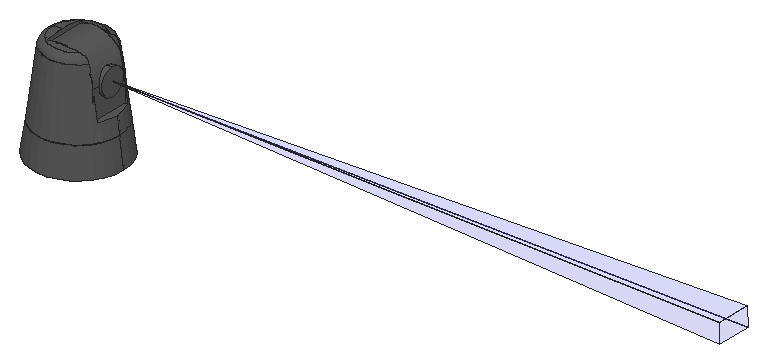
Revit family "Camera-Security-Canon-PTZ_Camera", category Security Devices, host Face, Revit 2012 (continued)
Nested families (in)
  nested 1: "PTZ Camera" at (0, 0, 0), Has Sunsheild <- "Has Sunshield", Is Clear <- "Has Clear Dome", visible <- "zz YesNo 5", Camera Tilt <- "zz Angle 1", Camera Rotation <- "zz Angle 2", Has 5 Inch Wall Mount <- "Has 5 Inch Enclosure", Has 7 Inch Wall Mount <- "Has 7 Inch Enclosure", Has Surface Mount <- "Has Surface Tough Dome Lite", Has Surface Tough Dome Mount <- "Has Surface Tough Dome", Unit is Wall Mounted <- "Unit is Wall Mounted", Has 5 Inch Recessed Mount <- "Has 5 Inch Recessed Enclosure", Has Recessed Dome Housing <- "Has Recessed Dome Housing", Has 7 Inch Recessed Mount <- "Has 7 Inch Recessed Enclosure", type "Standard"
    with z X Inch Wall Mount Thickness 0.125", z X Inch Wall Mount Radius Outside 11.500", z X Inch Wall Mount Radius Opening 3.625", z X Inch Wall Mount Radius Inside 11.375", z X Inch Wall Mount Height 10.750", z X Inch Wall Mount Elevation 0.000", z X Inch Wall Mount Center Offset Width 6.125", z X Inch Wall Mount Center Offset Height 8.000", z X Inch Wall Mount Base Radius 2.500", z X Inch Wall Mount Base Height 1.000", z Visible X Inch Wall Mount no, z Visible Surface Mount no, z Visible Sunshield no, z Visible Recessed Mount no, z Visible Recessed Dome no, z Visible Dome Smoked no, z Visible Dome Clear no, z Visible Dome no, z Type Mount 0, z Surface Mount True Radius 3.700", z Surface Mount Height 5.250", z Surface Mount Elevation 0.000", z Surface Mount Collar Radius 0.800", z Surface Mount Base Radius 3.850", z Surface Mount Base Height 3.750", z Sunshield Thickness 0.125", z Sunshield Radius Outside 11.350", z Sunshield Radius Inside 11.225", z Sunshield Height 10.500", z Sunshield Center Offset Width 5.500", z Sunshield Center Offset Height 6.625", z Recessed Push 3 0.825", z Recessed Push 2 0.500", z Recessed Push 1 3.000", z Recessed Mount Height 2 0.200", z Recessed Mount Height 5.345", z Recessed Mount Elevation 0.000", z Error no, z Dome Thickness 0.150", z Dome Radius Outside 1.000", z Dome Radius Inside 0.850", z Dome Elevation 0.000", z Camera Elevation Offset Negative 20.000", z Camera Elevation Offset 0.000", z Camera Elevation 20.000", z  Offset 0.000", Unit is Wall Mounted no, Product Material Plastic - Canon - Grey, Is Smoked no, Is Clear yes, Has Surface Tough Dome Mount no, Has Surface Mount no, Has Sunsheild no, Has Recessed Dome Housing no, Has No Mount yes, Has 7 Inch Wall Mount no, Has 7 Inch Recessed Mount no, Has 5 Inch Wall Mount no, Has 5 Inch Recessed Mount no, Camera Tilt 0.000°, Camera Rotation 0.000°
  nested 2: "Field of View" at (0, 0, 0), Camera Tilt <- "zz Angle 3", Lens Tilt <- "zz Angle 1", Lens Rotate <- "zz Angle 4", Lens Z <- "zz Length 75", Lens Y <- "zz Length 115", Lens X <- "zz Length 94", Camera Z <- "zz Length 21", Camera Y <- "zz Length 73", Camera X <- "zz Length 53", Room Depth Top Desired <- "zz Length 51", Room Depth Right Desired <- "zz Length 27", Room Depth Left Desired <- "zz Length 61", Room Depth Front Desired <- "zz Length 64", Room Depth Bottom Desired <- "zz Length 72", Room Depth Back Desired <- "zz Length 3", View Range Length <- "zz Length 59", visible <- "zz YesNo 11", Field of View Horizontal <- "Field of View Horizontal", Field of View Vertical <- "Field of View Vertical", Lens Pan <- "Pan Desired", type "Pyramid"
    with z Visible Pyramid yes, z Visible Cone no, z View Range Width 2.01114", z View Range Length Actual 36.000", z View Range Height 1.13107", z Room Top Actual 520.000", z Room Right Actual 520.000", z Room Left Actual 520.000", z Room Front Actual 520.000", z Room Bottom Actual 520.000", z Room Back Actual 520.000", z Lens Tilt Actual 90.000°, z Lens Rotate Actual 90.000°, z Lens Pan Actual 0.000°, z Filed of View Angle Half 22.500°, z Field of View Length Actual 36.000", z Camera Z Actual 720.000", z Camera Y Actual 720.000", z Camera X Actual 720.000", z Camera Tilt Actual 0.000°, z Camera Rotate Actual 0.000°, z Camera Pan Actual 0.000°, z Base 720.000", View Range Length 36.000", Room Depth Top Desired 200.000", Room Depth Right Desired 200.000", Room Depth Left Desired 200.000", Room Depth Front Desired 200.000", Room Depth Bottom Desired 200.000", Room Depth Back Desired 200.000", Lens Z 4.343", Lens Y -1.656", Lens X 0.000", Lens Tilt 0.000°, Lens Rotate 0.000°, Lens Pan 0.000°, Lens Flip Tilt yes, Lens Flip Rotate no, Lens Flip Pan no, Lens Add Tilt -90.000°, Lens Add Rotate 90.000°, Lens Add Pan 0.000°, Filed of View Angle 45.000°, Field of View Vertical 1.800°, Field of View Horizontal 3.200°, Camera Z 0.000", Camera Y 0.000", Camera X 0.000", Camera Tilt 0.000°, Camera Rotate 0.000°, Camera Pan 0.000°, Camera Flip Tilt no, Camera Flip Rotate no, Camera Flip Pan no, Camera Add Tilt 0.000°, Camera Add Rotate 0.000°, Camera Add Pan 0.000°
  nested 3: "Security Camera Symbol 2" at (0, 0, 0), type "PTZ Camera"
    with z Visible yes, z Rotation 0.000°
Connectors (in)
  electrical at (0, 0, 0)
    settings: on Sweep 12, index 1, voltage 0 V, apparent load 0 VA, apparent load phase1 0 VA, apparent load phase2 0 VA, apparent load phase3 0 VA, power factor 1, load classification "Other", number of poles 1, system type 10, power factor state 1, is connector primary yes, connector utility no, sub classification motor no, connector description "Security"
Definition of nested family "PTZ Camera"
  Parameters (values of type "Standard")
    z X Inch Wall Mount Thickness [instance] = 0.125"  # constant formula
    z X Inch Wall Mount Radius Outside [instance] = if(z Type Mount = 5, 7.325", 11.500")  # 11.500"
    z X Inch Wall Mount Radius Opening [instance] = if(z Type Mount = 5, 2.750", 3.625")  # 3.625"
    z X Inch Wall Mount Radius Inside [instance] = z X Inch Wall Mount Radius Outside - z X Inch Wall Mount Thickness  # 11.375"
    z X Inch Wall Mount Height [instance] = if(z Type Mount = 5, 8.250", 10.750")  # 10.750"
    z X Inch Wall Mount Elevation [instance] = z  Offset * (6 / 8)  # 0.000"
    z X Inch Wall Mount Center Offset Width [instance] = if(z Type Mount = 5, 3.125", 6.125")  # 6.125"
    z X Inch Wall Mount Center Offset Height [instance] = if(z Type Mount = 5, 5.250", 8.000")  # 8.000"
    z X Inch Wall Mount Base Radius [instance] = 2.500"  # constant formula
    z X Inch Wall Mount Base Height [instance] = 1.000"  # constant formula
    z Visible X Inch Wall Mount [instance] = and(not(z Error), or(z Type Mount = 5, z Type Mount = 7))  # no
    z Visible Surface Mount [instance] = and(not(z Error), or(z Type Mount = 1, z Type Mount = 2))  # no
    z Visible Sunshield [instance] = and(z Visible X Inch Wall Mount, Has Sunsheild)  # no
    z Visible Recessed Mount [instance] = and(not(z Error), or(z Type Mount = -1, z Type Mount = -2))  # no
    z Visible Recessed Dome [instance] = and(not(z Error), z Type Mount = -3)  # yes
    z Visible Dome Smoked [instance] = and(not(z Type Mount = 0), not(z Error), Is Smoked)  # yes
    z Visible Dome Clear [instance] = and(not(z Type Mount = 0), not(z Error), Is Clear)  # no
    z Visible Dome [instance] = or(z Visible Dome Clear, z Visible Dome Smoked)  # yes
    z Type Mount [instance] = if(Has 5 Inch Recessed Mount, -1, if(Has 7 Inch Recessed Mount, -2, if(Has Recessed Dome Housing, -3, if(Has Surface Mount, 1, if(Has Surface Tough Dome Mount, 2, if(Has 5 Inch Wall Mount, 5, if(Has 7 Inch Wall Mount, 7, 0)))))))  # -3
    z Surface Mount True Radius [instance] = 3.700"  # constant formula
    z Surface Mount Height [instance] = if(z Type Mount = 1, 5.500", 5.250")  # 5.250"
    z Surface Mount Elevation [instance] = z  Offset * (1 / 2)  # 0.000"
    z Surface Mount Collar Radius [instance] = if(z Type Mount = 1, 1.000", 0.800")  # 0.800"
    z Surface Mount Base Radius [instance] = if(z Type Mount = 1, 3.700", 3.850")  # 3.850"
    z Surface Mount Base Height [instance] = if(z Type Mount = 1, 3.500", 3.750")  # 3.750"
    z Sunshield Thickness [instance] = z X Inch Wall Mount Thickness  # 0.125"
    z Sunshield Radius Outside [instance] = if(z Type Mount = 5, 4.750", 5.850") + z Sunshield Center Offset Width  # 11.350"
    z Sunshield Radius Inside [instance] = z Sunshield Radius Outside - z Sunshield Thickness  # 11.225"
    z Sunshield Height [instance] = if(z Type Mount = 5, 8.125", 10.500")  # 10.500"
    z Sunshield Center Offset Width [instance] = if(z Type Mount = 5, 5.875", 5.500")  # 5.500"
    z Sunshield Center Offset Height [instance] = if(z Type Mount = 5, 5.625", 6.625")  # 6.625"
    z Recessed Push 3 [instance] = if(z Type Mount = -1, 0.825", if(z Type Mount = -2, 1.885", if(z Type Mount = -3, 0.515", 0.825")))  # 0.515"
    z Recessed Push 2 [instance] = 0.500"  # constant formula
    z Recessed Push 1 [instance] = if(z Type Mount = -1, 3.000", if(z Type Mount = -2, 3.740", 3.000"))  # 3.000"
    z Recessed Mount Height 2 [instance] = if(or(z Type Mount = -1, z Type Mount = -2), 0.200", if(z Type Mount = -3, 0.600", 0.200"))  # 0.600"
    z Recessed Mount Height [instance] = if(z Type Mount = -1, 5.345", if(z Type Mount = -2, 6.268", if(z Type Mount = -3, 3.310", 5.345")))  # 3.310"
    z Recessed Mount Elevation [instance] = z  Offset * (2 / 8)  # 0.000"
    z Error [instance] = if(Has Surface Tough Dome Mount, 1, 0) + if(Has Surface Mount, 1, 0) + if(Has 5 Inch Recessed Mount, 1, 0) + if(Has 7 Inch Wall Mount, 1, 0) + if(Has 5 Inch Wall Mount, 1, 0) > 1  # no
    z Dome Thickness [instance] = 0.150"  # constant formula
    z Dome Radius Outside [instance] = if(z Type Mount = -1, 2.953", if(z Type Mount = -2, 2.953" + 0.787", if(z Type Mount = -3, 2.953", if(z Type Mount = 1, 2.639", if(z Type Mount = 2, 2.680", if(z Type Mount = 5, 2.680", if(z Type Mount = 7, 3.756", if(z Type Mount = 0, 1.000", 1.000"))))))))  # 2.953"
    z Dome Radius Inside [instance] = z Dome Radius Outside - z Dome Thickness  # 2.803"
    z Dome Elevation [instance] = if(z Type Mount = -1, z Recessed Mount Elevation + 0.200", if(z Type Mount = -2, z Recessed Mount Elevation + 0.200", if(z Type Mount = -3, z Recessed Mount Elevation + 0.600", if(or(z Type Mount = 1, z Type Mount = 2), z Surface Mount Elevation + z Surface Mount Height, if(or(z Type Mount = 5, z Type Mount = 7), z X Inch Wall Mount Elevation + z X Inch Wall Mount Height, 0.000")))))  # 0.600"
    z Camera Elevation Offset Negative [instance] = 20.000"  # constant formula
    z Camera Elevation Offset [instance] = if(z Type Mount = -1, 1.563", if(z Type Mount = 1, 1.500", if(z Type Mount = 2, 1.000", if(z Type Mount = 5, 3.218", if(z Type Mount = 7, 6.000", 0.000")))))  # 0.000"
    z Camera Elevation [instance] = z Camera Elevation Offset Negative + z Camera Elevation Offset + if(z Type Mount = -1, z Recessed Mount Elevation - 5.345", if(z Type Mount = -2, z Recessed Mount Elevation - 3.345", if(z Type Mount = -3, z Recessed Mount Elevation - 2.545" - 0.625", if(or(z Type Mount = 1, z Type Mount = 2), z Surface Mount Elevation + 0.125", if(or(z Type Mount = 5, z Type Mount = 7), z X Inch Wall Mount Elevation + z X Inch Wall Mount Base Height, 0.000")))))  # 16.830"
    z  Offset [instance] = 12.000" * 0  # 0.000"
    Width = 0.000"
    Product Material [instance] = Plastic - Canon - Grey
    Is Smoked [instance] = not(Is Clear)  # yes
    Is Clear [instance] = no
    Height = 0.000"
    Has Sunsheild [instance] = no
    Has Recessed Dome Housing [instance] = yes
    Has 7 Inch Recessed Mount [instance] = no
    Camera Tilt [instance] = 0.000°
    Camera Rotation [instance] = 0.000°
    Unit is Wall Mounted [instance] = no
    Has No Mount [instance] = z Type Mount = 0  # no
    Has Surface Tough Dome Mount [instance] = no
    Has Surface Mount [instance] = no
    Has 5 Inch Recessed Mount [instance] = no
    Has 7 Inch Wall Mount [instance] = no
    Has 5 Inch Wall Mount [instance] = no
  Reference planes (in)
    plane 1 "Center (Front/Back)": y = 0
    plane 2 "Center (Elevation)": z = 0
    plane 3 "Center (Left/Right)": x = 0
    plane 4: z = 0
    plane 5: z = 0.125
    plane 6: z = 10.5
    plane 7: z = 10.75
    plane 8: x = -5.5
    plane 9: x = -6.125
    plane 10: x = 6.125
    plane 11: x = 5.5
    plane 12: z = 8
    plane 13: z = 6.625
    plane 14: z = 1
    plane 15: z = 1.125
    plane 16: x = -2.5
    plane 17: x = 2.5
    plane 18: x = -3.625
    plane 19: x = 3.625
    plane 20: x = 5.85
    plane 21: x = 5.725
    plane 22: x = -5.725
    plane 23: x = -5.85
    plane 24: z = 0.6
    plane 25: z = 10.625
    plane 26: z = -3.17
    plane 27: z = -1.439
    plane 28: z = -1.47
    plane 29: z = 2.30573
    plane 30: x = 0
    plane 31: x = 0
    plane 32: x = 0
    plane 33: x = 3
    plane 34: x = 4.015
    plane 35: x = 3.5
    plane 36: x = -4.015
    plane 37: x = -3
    plane 38: x = -3.5
    plane 39: z = -3.39
    plane 40: z = -3.31
    plane 41: z = 0.6
    plane 42: z = 0
    plane 43: z = 1.155
    plane 44: x = 0
    plane 45: x = -3.85
    plane 46: x = 3.85
    plane 47: x = -3.7
    plane 48: x = 3.7
    plane 49: z = 0
    plane 50: z = 3.75
    plane 51: z = 5.25
    plane 52: x = -2.9
    plane 53: x = 2.9
    plane 54: z = 0.125
    plane 55: z = -20
  Forms (in)
    Revolve 1, solid, material "Plastic - Canon - Grey" <- "Product Material", visible <- "z Visible X Inch Wall Mount"
      sketch origin (0, 0, 0) x (1, 0, 0) y (0, 0, 1)
        loop
          line (0, 1.125) -> (0, 0) -> (2.5, 0) -> (2.5, 1) -> (2.99914, 1)
          arc (2.99914, 1) -> (5.13074, 5.6424) -> (5.04136, 10.75) r 11.5
          line (5.04136, 10.75) -> (3.625, 10.75) -> (3.625, 10.625) -> (4.94297, 10.625)
          arc (4.94297, 10.625) -> (5.00466, 5.65025) -> (2.93728, 1.125) r 11.375
          line (2.93728, 1.125) -> (0, 1.125)
        axis (0, 10.75) -> (0, 0)
      angle from 0 to 360
    Revolve 2, solid, material "Plastic - Canon - Grey" <- "Product Material", visible <- "z Visible Sunshield"
      sketch origin (0, 0, 0) x (1, 0, 0) y (0, 0, 1)
        loop
          line (2.5, 0.125) -> (2.5, 0) -> (3.71585, 0)
          arc (3.71585, 0) -> (5.3033, 3.14487) -> (5.85, 6.625) r 11.35
          line (5.85, 6.625) -> (5.85, 10.5) -> (5.725, 10.5) -> (5.725, 6.625)
          arc (5.725, 6.625) -> (5.19408, 3.21365) -> (3.65154, 0.125) r 11.225
          line (3.65154, 0.125) -> (2.5, 0.125)
        axis (0, 10.5) -> (0, 0)
      angle from 0 to 360
    Revolve 3, solid, material "Plastic - Canon - Smoked", visible <- "z Visible Dome Smoked"
      sketch origin (0, 0, 0) x (1, 0, 0) y (0, 0, 1)
        loop
          arc (2.953, 0.6) -> (2.08809, 2.68809) -> (0, 3.553) r 2.953
          line (0, 3.553) -> (0, 3.403)
          arc (0, 3.403) -> (1.98202, 2.58202) -> (2.803, 0.6) r 2.803
          line (2.803, 0.6) -> (2.953, 0.6)
        axis (0, 3.553) -> (0, 0.6)
      angle from 0 to 360
    Revolve 4, solid, material "Plastic - Canon - Clear", visible <- "z Visible Dome Clear"
      sketch origin (0, 0, 0) x (1, 0, 0) y (0, 0, 1)
        loop
          arc (2.953, 0.6) -> (2.08809, 2.68809) -> (0, 3.553) r 2.953
          line (0, 3.553) -> (0, 3.403)
          arc (0, 3.403) -> (1.98202, 2.58202) -> (2.803, 0.6) r 2.803
          line (2.803, 0.6) -> (2.953, 0.6)
        axis (0, 3.553) -> (0, 0.6)
      angle from 0 to 360
    Revolve 5, solid, material "Plastic - Canon - Black"
      sketch origin (0, 0, 1.155) x (1, 0, 0) y (0, 0, 1)
        loop
          arc (1.49402, 1.63734) -> (0.75206, 1.76772) -> (0, 1.81137) r 6.5
          line (0, 1.81137) -> (0, -4.325) -> (2.6075, -4.325) -> (2.38271, -2.625) -> (1.95885, -2.625) -> (1.95885, -2.594) -> (2.37861, -2.594) -> (1.87478, 1.21627)
          arc (1.87478, 1.21627) -> (1.74995, 1.48609) -> (1.49402, 1.63734) r 0.5
        axis (0, 1.81137) -> (0, -4.325)
      angle from 0 to 360
    Revolve 6, solid, material "Plastic - Canon - Grey" <- "Product Material", visible <- "z Visible Recessed Mount"
      sketch origin (0, 0, 0) x (1, 0, 0) y (0, 0, 1)
        loop
          line (0, -3.39) -> (3.5, -3.39) -> (3.5, 0) -> (4.015, 0) -> (4.015, 0.6) -> (3, 0.6) -> (3, -3.31) -> (0, -3.31) -> (0, -3.39)
        axis (0, 0.6) -> (0, -3.39)
      angle from 0 to 360
    Extrusion 7, void
      sketch origin (0, 0, 1.155) x (1, 0, 0) y (0, 0, 1)
        loop
          line (-0.875, 2.5) -> (-0.875, -1.625) -> (3, -1.625) -> (3, 2.5) -> (-0.875, 2.5)
      from -1.125 to 1.125
    Extrusion 8, solid, material "Plastic - Canon - Black"
      sketch origin (0, 0, 1.155) x (1, 0, 0) y (0, 0, 1)
        loop
          arc (1.75, 0) -> (0.875, 1.51554) -> (-0.875, 1.51554) r 1.75
          line (-0.875, 1.51554) -> (-0.875, -1.625) -> (1.75, -1.625) -> (1.75, 0)
      from -1.125 to 1.125
    Sweep 9, solid, material "Plastic - Canon - Black"
      path in 3D
        loop
          line (0, 0, 1.155) -> (1.95541, 0, 1.155)
      profile origin (0.97771, 0, 1.155) x (0, 0, 1) y (0, -1, 0)
        loop
          circle (0, 0) r 0.75
    Revolve 10, solid, material "Plastic - Canon - Grey" <- "Product Material", visible <- "z Visible Surface Mount"
      sketch origin (0, 0, 0) x (1, 0, 0) y (0, 0, 1)
        loop
          line (-3.85, 0) -> (0, 0) -> (0, 0.125) -> (-2.9, 0.125) -> (-2.9, 5.25)
          spline (-2.9, 5.25) -> (-3.00442, 5.23717) -> (-3.10706, 5.19889) -> (-3.20615, 5.13582) -> (-3.3, 5.04904) -> (-3.38701, 4.94003) -> (-3.46569, 4.81066) -> (-3.53468, 4.66314) -> (-3.59282, 4.5) -> (-3.6391, 4.32403) -> (-3.67274, 4.13823) -> (-3.69316, 3.94579) -> (-3.7, 3.75)
          line (-3.7, 3.75) -> (-3.85, 0)
        axis (0, 5.25) -> (0, 0)
      angle from 0 to 360
    Revolve 11, solid, material "Plastic - Canon - Grey", visible <- "z Visible Recessed Dome"
      sketch origin (0, 0, 0) x (1, 0, 0) y (0, 0, 1)
        loop
          line (-4.015, 0) -> (-3.5, 0) -> (-3.5, -3.39) -> (0, -3.39) -> (0, -3.31) -> (-3, -3.31) -> (-3, 0.6) -> (-3.075, 0.6)
          arc (-3.075, 0.6) -> (-3.49945, 0.25594) -> (-4.015, 0.075) r 1.5978
          line (-4.015, 0.075) -> (-4.015, 0)
        axis (0, 0.6) -> (0, -3.39)
      angle from 0 to 360
  Cuts and joins
    Extrusion 7 cuts Revolve 5
    joined: Revolve 5, Extrusion 8, Sweep 9
  Lines and regions (in)
    Masking region 1, visible <- "z Visible Dome"
      outline origin (0, 0, 0) x (1, 0, 0) y (0, 0, 1)
        loop
          arc (2.953, 0.6) -> (0, 3.553) -> (-2.953, 0.6) r 2.953
          line (-2.953, 0.6) -> (2.953, 0.6)
    Masking region 2, visible <- "z Visible Recessed Mount"
      outline origin (0, 0, 0) x (1, 0, 0) y (0, 0, 1)
        loop
          line (-4.015, 0) -> (-3.5, 0) -> (-3.5, -3.39) -> (3.5, -3.39) -> (3.5, 0) -> (4.015, 0) -> (4.015, 0.6) -> (-4.015, 0.6) -> (-4.015, 0)
    Masking region 3, visible <- "z Visible X Inch Wall Mount"
      outline origin (0, 0, 0) x (1, 0, 0) y (0, 0, 1)
        loop
          line (2.5, 0) -> (2.5, 1) -> (2.99914, 1)
          arc (2.99914, 1) -> (5.13074, 5.6424) -> (5.04136, 10.75) r 11.5
          line (5.04136, 10.75) -> (-5.04136, 10.75)
          arc (-5.04136, 10.75) -> (-5.13074, 5.6424) -> (-2.99914, 1) r 11.5
          line (-2.99914, 1) -> (-2.5, 1) -> (-2.5, 0) -> (2.5, 0)
    Masking region 4, visible <- "z Visible Surface Mount"
      outline origin (0, 0, 0) x (1, 0, 0) y (0, 0, 1)
        loop
          line (-3.85, 0) -> (3.85, 0) -> (3.7, 3.75)
          spline (3.7, 3.75) -> (3.69316, 3.94579) -> (3.67274, 4.13823) -> (3.6391, 4.32403) -> (3.59282, 4.5) -> (3.53468, 4.66314) -> (3.46569, 4.81066) -> (3.38701, 4.94003) -> (3.3, 5.04904) -> (3.20615, 5.13582) -> (3.10706, 5.19889) -> (3.00442, 5.23717) -> (2.9, 5.25)
          line (2.9, 5.25) -> (-2.9, 5.25)
          spline (-2.9, 5.25) -> (-3.00442, 5.23717) -> (-3.10706, 5.19889) -> (-3.20615, 5.13582) -> (-3.3, 5.04904) -> (-3.38701, 4.94003) -> (-3.46569, 4.81066) -> (-3.53468, 4.66314) -> (-3.59282, 4.5) -> (-3.6391, 4.32403) -> (-3.67274, 4.13823) -> (-3.69316, 3.94579) -> (-3.7, 3.75)
          line (-3.7, 3.75) -> (-3.85, 0)
    reference lines
      curve 1: line (0, 0, 1.155) -> (2.6075, 0, 1.155)
      curve 2: line (0, 0, 1.155) -> (17, 0, 1.155)
    sketch lines
      curve 3: line (0, 0, 1.155) -> (1.95541, 0, 1.155)
  Dimensions and locks (in)
    equal spacing: plane 11, plane 30, plane 8
    equal spacing: plane 10, plane 30, plane 9
    "z Sunshield Center Offset Width": plane 30 to plane 8
    "z X Inch Wall Mount Center Offset Width": plane 30 to plane 9
    "z Sunshield Thickness": plane 5 to plane 4
    "z Sunshield Height": plane 6 to plane 4
    "z X Inch Wall Mount Center Offset Height": plane 12 to plane 4
    "z Sunshield Center Offset Height": plane 13 to plane 4
    "z X Inch Wall Mount Height": plane 7 to plane 4
    "z X Inch Wall Mount Thickness": plane 15 to plane 14
    "z X Inch Wall Mount Base Height": plane 14 to plane 4
    equal spacing: plane 17, plane 30, plane 16
    "z X Inch Wall Mount Base Radius": plane 30 to plane 16
    equal spacing: plane 19, plane 30, plane 18
    "z X Inch Wall Mount Radius Opening": plane 30 to plane 18
    equal spacing: plane 21, plane 30, plane 22
    equal spacing: plane 20, plane 30, plane 23
    "z Sunshield Radius Inside": plane 11 to plane 22
    "z Sunshield Radius Outside": plane 11 to plane 23
    "z Dome Elevation": plane 24 to plane 2 "Center (Elevation)"
    "z X Inch Wall Mount Thickness": plane 7 to plane 25
    "z X Inch Wall Mount Elevation": plane 4 to plane 2 "Center (Elevation)"
    plane 29 to plane 27 to plane 28 to plane 26 = 3.74473" locked, 0.031" locked, 1.700" locked
    equal spacing: plane 32, plane 30, plane 3 "Center (Left/Right)", plane 31, plane 44
    "z Camera Elevation": plane 26 to plane 55
    equal spacing: plane 33, plane 32, plane 37
    equal spacing: plane 35, plane 32, plane 38
    equal spacing: plane 34, plane 32, plane 36
    locked: plane 43 to plane 26 at 4.325
    locked: curve 1 to curve 1 at 2.6075
    locked: curve 2 to curve 2 at 17
    locked: curve 1 to curve 2 at 2.6075
    Extrusion 7 sketch curve to curve 1 to Extrusion 7 sketch curve = 2.500" locked, 1.625" locked
    Extrusion 7 sketch curve to curve 1 to Extrusion 7 sketch curve = 3.000" locked, 0.875" locked
    locked: curve 1 to Extrusion 8 sketch curve at 1.625
    Extrusion 8 sketch curve to curve 1 to Extrusion 8 sketch curve to Extrusion 8 sketch curve = 1.750" locked, 0.000" locked, 0.875" locked
    "z Recessed Mount Elevation": plane 42 to plane 2 "Center (Elevation)"
    equal spacing: plane 48, plane 44, plane 47
    equal spacing: plane 46, plane 44, plane 45
    "z Surface Mount True Radius": plane 44 to plane 47
    "z Surface Mount Base Radius": plane 44 to plane 45
    "z Surface Mount Base Height": plane 50 to plane 49
    "z Surface Mount Height": plane 51 to plane 49
    equal spacing: plane 53, plane 44, plane 52
    "z Surface Mount Collar Radius": plane 52 to plane 47
    locked: Revolve 10 sketch curve to plane 47 at 0
    locked: plane 51 to Revolve 10 sketch curve at 0
    "z Surface Mount Elevation": plane 49 to plane 2 "Center (Elevation)"
    "z  Offset": plane 32 to plane 44
    locked: plane 54 to plane 49 at 0.125
    "z Camera Elevation Offset Negative": plane 2 "Center (Elevation)" to plane 55
    locked: Masking region 4 sketch curve to plane 47 at 0
    locked: plane 48 to Masking region 4 sketch curve at 0
    locked: plane 51 to Masking region 4 sketch curve at 0  (x2)
    "z Recessed Push 1": plane 33 to plane 32
    "z Recessed Push 2": plane 35 to plane 33
    "z Recessed Push 3": plane 34 to plane 35
    "z Recessed Mount Height 2": plane 41 to plane 42
    locked: plane 40 to plane 39 at 0.08
    "z Recessed Mount Height": plane 42 to plane 40
    locked: plane 37 to Revolve 11 sketch curve at 0.075
    locked: Revolve 11 sketch curve to plane 42 at 0.075
    "z X Inch Wall Mount Radius Inside": radius of Revolve 1 sketch curve
    "z X Inch Wall Mount Radius Outside": radius of Revolve 1 sketch curve
    "z Sunshield Radius Inside": radius of Revolve 2 sketch curve
    "z Sunshield Radius Outside": radius of Revolve 2 sketch curve
    "z Dome Radius Inside": radius of Revolve 3 sketch curve
    "z Dome Radius Outside": radius of Revolve 3 sketch curve
    "z Dome Radius Inside": radius of Revolve 4 sketch curve
    "z Dome Radius Outside": radius of Revolve 4 sketch curve
    "z Dome Radius Outside": radius of Masking region 1 sketch curve
    "Camera Tilt": angle curve 1 to curve 2
    "Camera Rotation": angle curve 1 to plane 1 "Center (Front/Back)"
    aligned and locked: plane 2 "Center (Elevation)" to level
    aligned and locked: plane 4 to Revolve 1 sketch curve
    aligned and locked: Revolve 1 sketch curve to plane 15
    aligned and locked: Revolve 1 sketch curve to plane 17
    aligned and locked: Revolve 1 sketch curve to plane 14
    aligned and locked: plane 12 to Revolve 1 sketch curve  (x2)
    aligned and locked: plane 9 to Revolve 1 sketch curve  (x2)
    aligned and locked: Revolve 1 sketch curve to plane 7
    aligned and locked: Revolve 1 sketch curve to plane 19
    aligned and locked: Revolve 2 sketch curve to plane 6
    aligned and locked: plane 21 to Revolve 2 sketch curve
    aligned and locked: Revolve 2 sketch curve to plane 20
    aligned and locked: Revolve 2 sketch curve to plane 5
    aligned and locked: plane 17 to Revolve 2 sketch curve
    aligned and locked: plane 4 to Revolve 2 sketch curve
    aligned and locked: plane 8 to Revolve 2 sketch curve
    aligned and locked: plane 13 to Revolve 2 sketch curve  (x2)
    aligned and locked: Revolve 3 sketch curve to plane 24
    aligned and locked: plane 24 to Revolve 3 sketch curve  (x2)
    aligned and locked: plane 24 to Revolve 4 sketch curve  (x2)
    aligned and locked: Revolve 4 sketch curve to plane 24
    aligned and locked: Revolve 1 sketch curve to plane 25
    aligned and locked: plane 29 to Revolve 5 sketch curve
    aligned and locked: Revolve 5 sketch curve to plane 28
    aligned and locked: Revolve 5 sketch curve to plane 27
    aligned and locked: Revolve 1 sketch curve to plane 30
    aligned and locked: plane 30 to Revolve 1 sketch curve
    aligned and locked: Revolve 2 sketch curve to plane 30
    aligned and locked: Revolve 5 sketch curve to plane 26
    aligned and locked: Revolve 4 sketch curve to plane 31  (x2)
    aligned and locked: plane 31 to Revolve 4 sketch curve  (x2)
    aligned and locked: plane 31 to Revolve 3 sketch curve  (x2)
    aligned and locked: Revolve 3 sketch curve to plane 31  (x2)
    aligned and locked: Revolve 5 sketch curve to plane 31
    aligned and locked: plane 27 to Revolve 5 sketch curve
    aligned and locked: plane 28 to Revolve 5 sketch curve
    aligned and locked: plane 26 to Revolve 5 sketch curve
    aligned and locked: Revolve 6 sketch curve to plane 32  (x2)
    aligned and locked: plane 40 to Revolve 6 sketch curve
    aligned and locked: Revolve 6 sketch curve to plane 39
    aligned and locked: plane 42 to Revolve 6 sketch curve
    aligned and locked: plane 33 to Revolve 6 sketch curve
    aligned and locked: Revolve 6 sketch curve to plane 34
    aligned and locked: Revolve 6 sketch curve to plane 41
    aligned and locked: Masking region 1 sketch curve to plane 24
    aligned and locked: plane 24 to Masking region 1 sketch curve
    aligned and locked: plane 31 to Masking region 1 sketch curve
    aligned and locked: Masking region 2 sketch curve to plane 39
    aligned and locked: plane 36 to Masking region 2 sketch curve
    aligned and locked: plane 42 to Masking region 2 sketch curve  (x2)
    aligned and locked: Masking region 2 sketch curve to plane 38
    aligned and locked: Masking region 2 sketch curve to plane 35
    aligned and locked: Masking region 2 sketch curve to plane 34
    aligned and locked: Masking region 2 sketch curve to plane 41
    aligned and locked: Masking region 3 sketch curve to plane 7
    aligned and locked: Masking region 3 sketch curve to plane 17
    aligned and locked: Masking region 3 sketch curve to plane 14
    aligned and locked: plane 4 to Masking region 3 sketch curve
    aligned and locked: Masking region 3 sketch curve to plane 16
    aligned and locked: plane 10 to Masking region 3 sketch curve
    aligned and locked: plane 12 to Masking region 3 sketch curve  (x2)
    aligned and locked: plane 9 to Masking region 3 sketch curve
    aligned and locked: plane 14 to Masking region 3 sketch curve
    aligned and locked: plane 31 to curve 1
    aligned and locked: plane 1 "Center (Front/Back)" to curve 1
    aligned and locked: curve 2 to curve 1
    aligned and locked: Extrusion 8 sketch curve to curve 1
    aligned and locked: plane 49 to Revolve 10 sketch curve  (x2)
    aligned and locked: plane 45 to Revolve 10 sketch curve
    aligned and locked: plane 50 to Revolve 10 sketch curve
    aligned and locked: Revolve 10 sketch curve to plane 44
    aligned and locked: plane 52 to Revolve 10 sketch curve
    aligned and locked: Revolve 10 sketch curve to plane 50
    aligned and locked: Revolve 10 sketch curve to plane 54
    aligned and locked: Revolve 10 sketch curve to plane 52
    aligned and locked: plane 50 to Masking region 4 sketch curve  (x3)
    aligned and locked: plane 45 to Masking region 4 sketch curve
    aligned and locked: plane 49 to Masking region 4 sketch curve
    aligned and locked: plane 46 to Masking region 4 sketch curve
    aligned and locked: Masking region 4 sketch curve to plane 49
    aligned and locked: Masking region 4 sketch curve to plane 52
    aligned and locked: Masking region 4 sketch curve to plane 53
    aligned and locked: Masking region 4 sketch curve to plane 50
    aligned and locked: plane 36 to Revolve 11 sketch curve
    aligned and locked: Revolve 11 sketch curve to plane 42
    aligned and locked: Revolve 11 sketch curve to plane 38
    aligned and locked: plane 37 to Revolve 11 sketch curve
    aligned and locked: plane 41 to Revolve 11 sketch curve
    aligned and locked: plane 40 to Revolve 11 sketch curve
    aligned and locked: Revolve 11 sketch curve to plane 39
    aligned and locked: plane 32 to Revolve 11 sketch curve
  Automatic sketch dimensions
    Revolve 2 sketch curve to level = 12.000"
    Revolve 2 sketch curve to Revolve 2 sketch curve = 61.375"
    Revolve 2 sketch curve to plane 5 = 0.000"
    Revolve 2 sketch curve to plane 4 = 0.000"
    Revolve 3 sketch curve to level = 12.000"
    Revolve 3 sketch curve to Revolve 3 sketch curve = 32.250"
    Revolve 4 sketch curve to level = 12.000"
    Revolve 4 sketch curve to Revolve 4 sketch curve = 28.750"
    Revolve 1 sketch curve to level = 12.000"
    plane 24 to Revolve 1 sketch curve = 44.000"
    Revolve 6 sketch curve to level = 12.000"
    plane 24 to Revolve 6 sketch curve = 24.000"
    Revolve 6 sketch curve to plane 35 = 0.000"
    plane 8 to Masking region 3 sketch curve = 0.45864"
    plane 17 to Masking region 3 sketch curve = 0.49914"
    curve 1 to Extrusion 8 sketch curve = 0.000"
    profile plane to Sweep 9 sketch curve = 0.000"  (x2)
    Revolve 10 sketch curve to plane 44 = 0.000"
    Revolve 10 sketch curve to level = 12.000"
    plane 24 to Revolve 10 sketch curve = 12.000"
    Masking region 4 sketch curve to plane 52 = 0.000"
    Masking region 4 sketch curve to plane 53 = 0.000"
    Revolve 5 sketch curve to curve 1 = 0.000"  (x2)
    curve 1 to Revolve 5 sketch curve = 0.000"
    Revolve 5 sketch curve to curve 1 = 16.325"
    Revolve 5 sketch curve to curve 1 = 4.68863"
    curve 1 to Revolve 5 sketch curve = 1.81137"
    Revolve 5 sketch curve to curve 1 = 1.2284"
    Revolve 5 sketch curve to Revolve 5 sketch curve = 0.000"
    Revolve 5 sketch curve to Revolve 5 sketch curve = 0.49569"
    Revolve 5 sketch curve to curve 1 = 0.64865"
    Revolve 5 sketch curve to curve 1 = 0.22889"
    Revolve 5 sketch curve to Revolve 5 sketch curve = 0.0041"
    Revolve 11 sketch curve to plane 32 = 0.000"
    Revolve 11 sketch curve to plane 36 = 0.26355"
    Revolve 11 sketch curve to plane 39 = 2.94121"
    plane 29 to Revolve 11 sketch curve = 1.750"
    radius of Sweep 9 sketch curve = 0.750"
Definition of nested family "Field of View"
  Parameters (values of type "Pyramid")
    z Visible Pyramid [instance] = z Type View = 1  # yes
    z Visible Cone [instance] = z Type View = 2  # no
    z View Range Length Actual [instance] = abs(View Range Length)  # 1000.000"
    z Type View = 1
    z Room Top Actual [instance] = z Base - Room Depth Top Desired - (Camera Z * 0)  # 19800.000"
    z Room Bottom Actual [instance] = z Base - Room Depth Bottom Desired + (Camera Z * 0)  # 19800.000"
    z Lens Tilt Actual [instance] = (Lens Tilt + Lens Add Tilt) * if(Lens Flip Tilt, -1, 1)  # 0.000°
    z Lens Rotate Actual [instance] = (Lens Rotate + Lens Add Rotate) * if(Lens Flip Rotate, -1, 1)  # 0.000°
    z Lens Pan Actual [instance] = (Lens Pan + Lens Add Pan) * if(Lens Flip Pan, -1, 1)  # 0.000°
    z Filed of View Angle Half [instance] = if(1 = 1, 1, 1) * (Filed of View Angle / 2)  # 22.500°
    z Field of View Length Actual [instance] = View Range Length * if(z Lens Tilt Actual = 180.000°, -1, 1)  # 1000.000"
    z Camera Z Actual [instance] = z Base + Camera Z  # 20000.000"
    z Camera Y Actual [instance] = z Base - Camera Y  # 20000.000"
    z Camera X Actual [instance] = z Base + Camera X  # 20000.000"
    z Camera Tilt Actual [instance] = (Camera Tilt + Camera Add Tilt) * if(Camera Flip Tilt, -1, 1)  # 0.000°
    Camera Tilt [instance] = 0.000°
    z Camera Rotate Actual [instance] = (Camera Rotate + Camera Add Rotate) * if(Camera Flip Rotate, -1, 1)  # 0.000°
    Camera Rotate [instance] = 0.000°
    z Camera Pan Actual [instance] = (Camera Pan + Camera Add Pan) * if(Camera Flip Pan, -1, 1)  # 0.000°
    Camera Pan [instance] = 0.000°
    Lens Tilt [instance] = 0.000°
    Lens Rotate [instance] = 0.000°
    z Room Right Actual [instance] = z Base - Room Depth Right Desired - (Camera X * 0)  # 19800.000"
    z Room Left Actual [instance] = z Base - Room Depth Left Desired + (Camera X * 0)  # 19800.000"
    z Room Front Actual [instance] = z Base - Room Depth Front Desired - (Camera Y * 0)  # 19800.000"
    z Room Back Actual [instance] = z Base - Room Depth Back Desired + (Camera Y * 0)  # 19800.000"
    Room Depth Top Desired [instance] = 200.000"
    Room Depth Right Desired [instance] = 200.000"
    Room Depth Left Desired [instance] = 200.000"
    Room Depth Front Desired [instance] = 200.000"
    Room Depth Bottom Desired [instance] = 200.000"
    Room Depth Back Desired [instance] = 200.000"
    Lens Pan [instance] = 0.000°
    z Base [instance] = if(1 = 1, 1, 1) * (z View Range Length Actual * 20)  # 20000.000"
    z View Range Width [instance] = (z View Range Length Actual * tan(Field of View Horizontal / 2)) * 2  # 828.42712"
    View Range Length [instance] = 1000.000"
    z View Range Height [instance] = (z View Range Length Actual * tan(Field of View Vertical / 2)) * 2  # 828.42712"
    Lens Z [instance] = 0.000"
    Lens Y [instance] = 0.000"
    Lens X [instance] = 0.000"
    Lens Flip Tilt [instance] = no
    Lens Flip Rotate [instance] = no
    Lens Flip Pan [instance] = no
    Lens Add Tilt [instance] = 0.000°
    Lens Add Rotate [instance] = 0.000°
    Lens Add Pan [instance] = 0.000°
    Filed of View Angle [instance] = 45.000°
    Field of View Vertical [instance] = 45.000°
    Field of View Horizontal [instance] = 45.000°
    Camera Z [instance] = 0.000"
    Camera Y [instance] = 0.000"
    Camera X [instance] = 0.000"
    Camera Flip Tilt [instance] = no
    Camera Flip Rotate [instance] = no
    Camera Flip Pan [instance] = no
    Camera Add Tilt [instance] = 0.000°
    Camera Add Rotate [instance] = 0.000°
    Camera Add Pan [instance] = 0.000°
  Reference planes (in)
    plane 1 "Center (Front/Back)": y = 0
    plane 2 "Center (Elevation)": z = 0
    plane 3 "Center (Left/Right)": x = 0
    plane 4: y = -20000
    plane 5: y = 20000
    plane 6: x = 20000
    plane 7: x = -20000
    plane 8: x = -200
    plane 9: x = 200
    plane 10: y = -200
    plane 11: y = 200
    plane 12 "Lens Y": y = 0
    plane 13 "Lens X": x = 0
    plane 14: z = 200
    plane 15: z = 20000
    plane 16 "Lens Z": z = 0
    plane 17: z = -20000
    plane 18: z = -200
  Forms (in)
    Extrusion 1, void
      sketch origin (0, 0, 0) x (1, 0, 0) y (0, 1, 0)
        loop
          line (-20000, 20000) -> (-20000, -20000) -> (20000, -20000) -> (20000, 20000) -> (-20000, 20000)
        loop
          line (-200, -200) -> (200, -200) -> (200, 200) -> (-200, 200) -> (-200, -200)
      from -200 to 200
    Extrusion 2, void
      sketch origin (0, 0, 0) x (1, 0, 0) y (0, 0, 1)
        loop
          line (-20000, 20000) -> (-20000, 200) -> (20000, 200) -> (20000, 20000) -> (-20000, 20000)
        loop
          line (-20000, -20000) -> (20000, -20000) -> (20000, -200) -> (-20000, -200) -> (-20000, -20000)
      from -20000 to 20000
    Blend 3, solid, material "Field of View", visible <- "z Visible Pyramid"
      base sketch origin (-0.70711, -0.70711, 0) x (0, -1, 0) y (1, 0, 0)
        loop
          line (-0.72261, 0.69161) -> (-0.69161, 0.69161) -> (-0.69161, 0.72261) -> (-0.72261, 0.72261) -> (-0.72261, 0.69161)
      top sketch origin (-0.70711, -0.70711, 0) x (0, -1, 0) y (1, 0, 0)
        loop
          line (-414.92067, -413.50646) -> (413.50646, -413.50646) -> (413.50646, 414.92067) -> (-414.92067, 414.92067) -> (-414.92067, -413.50646)
      from 0 to 1000 <- "z Field of View Length Actual"
  Cuts and joins
    Extrusion 1, Extrusion 2 cuts Blend 3
  Lines and regions (in)
    reference lines
      curve 1: line (0, 1.5, 0) -> (0, -1.5, 0)
      curve 2: line (-1.5, 0, 0) -> (1.5, 0, 0)
      curve 3: line (0, 1, 0) -> (0, -1, 0)
      curve 4: line (1, 0, 0) -> (-1, 0, 0)
  Dimensions and locks (in)
    "z Room Back Actual": plane 11 to plane 5
    "z Room Front Actual": plane 4 to plane 10
    "z Room Left Actual": plane 7 to plane 8
    "z Room Right Actual": plane 9 to plane 6
    "z Camera Y Actual": plane 4 to plane 12 "Lens Y"
    "z Camera X Actual": plane 7 to plane 13 "Lens X"
    "z Camera Z Actual": plane 16 "Lens Z" to plane 17
    "z Room Top Actual": plane 15 to plane 14
    "z Base": plane 7 to plane 3 "Center (Left/Right)"
    "z Base": plane 3 "Center (Left/Right)" to plane 6
    "z Base": plane 4 to plane 1 "Center (Front/Back)"
    "z Base": plane 1 "Center (Front/Back)" to plane 5
    "z Base": plane 15 to plane 2 "Center (Elevation)"
    "z Base": plane 2 "Center (Elevation)" to plane 17
    equal spacing: Blend 3 sketch curve, curve 1, Blend 3 sketch curve  (x2)
    equal spacing: Blend 3 sketch curve, curve 2, Blend 3 sketch curve  (x2)
    locked: Blend 3 sketch curve to Blend 3 sketch curve at 0.031  (x2)
    "z View Range Height": Blend 3 sketch curve to Blend 3 sketch curve
    "z View Range Width": Blend 3 sketch curve to Blend 3 sketch curve
    "z Room Bottom Actual": plane 18 to plane 17
    aligned and locked: plane 2 "Center (Elevation)" to level
    aligned and locked: Extrusion 1 sketch curve to plane 5
    aligned and locked: Extrusion 1 sketch curve to plane 7
    aligned and locked: Extrusion 1 sketch curve to plane 4
    aligned and locked: Extrusion 1 sketch curve to plane 6
    aligned and locked: Extrusion 1 sketch curve to plane 10
    aligned and locked: Extrusion 1 sketch curve to plane 8
    aligned and locked: Extrusion 1 sketch curve to plane 11
    aligned and locked: Extrusion 1 sketch curve to plane 9
    aligned and locked: Extrusion 1 to plane 14
    aligned and locked: Extrusion 2 sketch curve to plane 15
    aligned and locked: plane 7 to Extrusion 2 sketch curve  (x2)
    aligned and locked: Extrusion 2 sketch curve to plane 6  (x2)
    aligned and locked: Extrusion 2 sketch curve to plane 17
    aligned and locked: Extrusion 2 sketch curve to plane 14
    aligned and locked: Extrusion 2 to plane 4
    aligned and locked: Extrusion 2 to plane 5
    aligned and locked: Extrusion 2 sketch curve to plane 18
    aligned and locked: Extrusion 1 to plane 18
    aligned and locked: nested 5 to plane 12 "Lens Y"
    aligned and locked: nested 5 to plane 13 "Lens X"
  Automatic sketch dimensions
    curve 1 to curve 2 = 1.500"  (x2)
    curve 2 to curve 1 = 1.500"  (x2)
    curve 3 to curve 3 = 2.000"
    curve 4 to curve 3 = 1.000"  (x2)
    curve 3 to curve 4 = 1.000"
  Nested families (in)
    nested 1: "Family2" at (0, 0, 0) x (0, 1, 0) z (0, 0, 1), z Angle Rotate <- "z Lens Rotate Actual", z Offset Z <- "Lens Z", z Offset Y <- "Lens Y", z Offset X <- "Lens X", type "Standard", not visible
      with z Offset Z Actual 100.000", z Offset Z 0.000", z Offset Y Actual 100.000", z Offset Y 0.000", z Offset X Actual 100.000", z Offset X 0.000", z Base 100.000", z Angle Rotate 0.000°, Material none, Has Snap Locations yes
    nested 2: "Family2" at (0, 0, 0) x (0, -1, 0) z (1, 0, 0), z Angle Rotate <- "z Lens Tilt Actual", type "Standard", not visible
      with z Offset Z Actual 30.000", z Offset Z 0.000", z Offset Y Actual 30.000", z Offset Y 0.000", z Offset X Actual 30.000", z Offset X 0.000", z Base 30.000", z Angle Rotate 0.000°, Material none, Has Snap Locations yes
    nested 3: "Family2" at (0, 0, 0), z Angle Rotate <- "z Lens Pan Actual", type "Standard", not visible
      with z Offset Z Actual 30.000", z Offset Z 0.000", z Offset Y Actual 30.000", z Offset Y 0.000", z Offset X Actual 30.000", z Offset X 0.000", z Base 30.000", z Angle Rotate 0.000°, Material none, Has Snap Locations yes
    nested 4: "Family2" at (0, 0, 0) x (-1, 0, 0) z (0, -1, 0), type "Standard", not visible
      with z Offset Z Actual 30.000", z Offset Z 0.000", z Offset Y Actual 30.000", z Offset Y 0.000", z Offset X Actual 30.000", z Offset X 0.000", z Base 30.000", z Angle Rotate 0.000°, Material none, Has Snap Locations yes
    nested 5: "Family2" at (0, 0, 0) x (0, 1, 0) z (0, 0, 1), z Angle Rotate <- "z Camera Rotate Actual", type "Standard", not visible
      with z Offset Z Actual 35.000", z Offset Z 0.000", z Offset Y Actual 35.000", z Offset Y 0.000", z Offset X Actual 35.000", z Offset X 0.000", z Base 35.000", z Angle Rotate 0.000°, Material none, Has Snap Locations yes
    nested 6: "Family2" at (0, 0, 0) x (0, -1, 0) z (1, 0, 0), z Angle Rotate <- "z Camera Tilt Actual", type "Standard", not visible
      with z Offset Z Actual 30.000", z Offset Z 0.000", z Offset Y Actual 30.000", z Offset Y 0.000", z Offset X Actual 30.000", z Offset X 0.000", z Base 30.000", z Angle Rotate 0.000°, Material none, Has Snap Locations yes
    nested 7: "Family2" at (0, 0, 0), z Angle Rotate <- "z Camera Pan Actual", type "Standard", not visible
      with z Offset Z Actual 30.000", z Offset Z 0.000", z Offset Y Actual 30.000", z Offset Y 0.000", z Offset X Actual 30.000", z Offset X 0.000", z Base 30.000", z Angle Rotate 0.000°, Material none, Has Snap Locations yes
    nested 8: "Family2" at (0, 0, 0) x (-1, 0, 0) z (0, -1, 0), type "Standard", not visible
      with z Offset Z Actual 30.000", z Offset Z 0.000", z Offset Y Actual 30.000", z Offset Y 0.000", z Offset X Actual 30.000", z Offset X 0.000", z Base 30.000", z Angle Rotate 0.000°, Material none, Has Snap Locations yes
  Definition of nested family "Family2"
    Parameters (values of type "Standard")
      z Offset Z Actual [instance] = z Base + z Offset Z  # 30.000"
      z Offset Z [instance] = 0.000"
      z Offset Y Actual [instance] = z Base + z Offset Y  # 30.000"
      z Offset Y [instance] = 0.000"
      z Offset X Actual [instance] = z Base + z Offset X  # 30.000"
      z Offset X [instance] = 0.000"
      z Base [instance] = 30.000"
      z Angle Rotate [instance] = 0.000°
      Material [instance] = none
      Has Snap Locations [instance] = yes
    Reference planes (in)
      plane 1 "Center (Front/Back)": y = 0
      plane 2 "Center (Elevation)": z = 0
      plane 3 "Center (Left/Right)": x = 0
      plane 4: through (26.9972, 28.43381, 9.92971) normal (-0.9218, 0.2818, 0.2661)
      plane 5: through (15.53727, 31.93746, 9.30168) normal (-0.8902, 0.2721, -0.3654)
      plane 6: through (16.43815, 31.66203, -8.67365) normal (0.8902, -0.2721, 0.3654)
      plane 7: through (13.12273, 32.67566, 0.15701) normal (-0.05, 0.0153, 0.9986)
      plane 8: through (9.8073, 33.68929, 8.98767) normal (-0.9218, 0.2818, 0.2661)
      plane 9: through (4.97822, 35.16569, -9.30168) normal (0.955, -0.292, 0.0523)
      plane 10: through (4.97822, 35.16569, -9.30168) normal (-0.05, 0.0153, 0.9986)
      plane 11: y = -30
      plane 12: x = -30
      plane 13: y = 0
      plane 14: x = 0
      plane 15: z = 0
      plane 16: z = -30
    Forms (in)
      Extrusion 1, solid, material <- "Material", visible <- "Has Snap Locations"
        sketch origin (0, 0, 0) x (1, 0, 0) y (0, 0, 1)
          loop
            arc (0.70711, 0.70711) -> (-1, 0) -> (0.70711, -0.70711) r 1
            line (0.70711, -0.70711) -> (0.70711, 0.70711)
        from -0.5 to 0
    Lines and regions (in)
      reference lines
        curve 1: line (0, 0, 0) -> (1, 0, 0)
        curve 2: line (0, 0, 1) -> (0, 0, -1)
        curve 3: line (-1, 0, 0) -> (1, 0, 0)
    Dimensions and locks (in)
      "z Base": plane 11 to plane 1 "Center (Front/Back)"
      "z Base": plane 12 to plane 3 "Center (Left/Right)"
      "z Base": plane 2 "Center (Elevation)" to plane 16
      "z Offset Z Actual": plane 15 to plane 16
      "z Offset X Actual": plane 12 to plane 14
      "z Offset Y Actual": plane 13 to plane 11
      "z Angle Rotate": angle curve 1 to plane 1 "Center (Front/Back)"
      aligned and locked: plane 2 "Center (Elevation)" to level
      aligned and locked: plane 14 to curve 1
      aligned and locked: plane 13 to curve 1
    Automatic sketch dimensions
      Extrusion 1 sketch curve to curve 1 = 0.000"  (x2)
      Extrusion 1 sketch curve to curve 1 = 0.29289"
      Extrusion 1 sketch curve to curve 1 = 0.70711"
      curve 3 to curve 1 = 0.000"  (x2)
      curve 1 to curve 2 = 0.000"
      curve 2 to curve 1 = 1.000"
      curve 1 to curve 2 = 1.000"
      curve 3 to curve 1 = 1.000"
Definition of nested family "Security Camera Symbol 2"
  Parameters (values of type "PTZ Camera")
    z Visible [instance] = yes
    z Rotation [instance] = 0.000°
  Reference planes (in)
    plane 1: y = 0
    plane 2: x = 0
  Lines and regions (in)
    Masking region 1, visible <- "z Visible"
      outline origin (0, 0, 0) x (1, 0, 0) y (0, 1, 0)
        loop
          circle (0, 0) r 0.16623
    detail lines, visible <- "z Visible"
      curve 1: line (-0.10178, 0.0548, 0) -> (0.04949, 0.0548, 0)
      curve 2: line (-0.10178, -0.0548, 0) -> (-0.10178, 0.0548, 0)
      curve 3: line (0.04949, -0.0548, 0) -> (-0.10178, -0.0548, 0)
      curve 4: line (0.04949, 0.0548, 0) -> (0.04949, -0.0548, 0)
      curve 5: line (0.04949, 0, 0) -> (0.1043, 0.0548, 0)
      curve 6: line (0.1043, 0.0548, 0) -> (0.1043, -0.0548, 0)
      curve 7: line (0.1043, -0.0548, 0) -> (0.04949, 0, 0)
    reference lines
      curve 8: line (0, 0, 0) -> (0.45859, 0, 0)
  Dimensions and locks (in)
    "z Rotation": angle curve 8 to plane 1
  Automatic sketch dimensions
    Masking region 1 sketch curve to curve 8 = 0.000"  (x2)
    plane 1 to curve 8 = 0.000"
    curve 8 to plane 2 = 0.000"
    curve 8 to curve 5 = 0.000"
    curve 8 to curve 7 = 0.000"
    curve 3 to curve 8 = 0.10178"
    curve 8 to curve 3 = 0.04949"
    curve 3 to curve 6 = 0.0548"
    curve 4 to curve 8 = 0.0548"
    curve 3 to curve 6 = 0.000"
    curve 5 to curve 8 = 0.0548"
    curve 2 to curve 8 = 0.0548"
    radius of Masking region 1 sketch curve = 0.16623"
Types (2): name | zz Length 100 | zz Integer 5 | Resolution | Product Page URL | Product Documentation Link | Part Number | Part Description | Megapixels | Effective Pixels | Pipe Length Desired | Pipe Length Actual
  1.3 MP - PTZ | 0.250" | 1 | "JPEG, H.264: 1280 x 720, 640 x 360, 320 x 180, 1280 x 960, 640 x 480, 320 x 240" | "http://www.usa.canon.com/cusa/professional/products/network_video_solutions/ptz_network_cameras/vb_m42" | "http://www.usa.canon.com/cusa/professional/products/network_video_solutions/ptz_network_cameras/vb_m42#Specifications" | "VB-M42" | "1.3 Megapixel PTZ Network Camera" | "1.3" | "1.3 Million Pixels" | 0.000" | 0.000"
  2.1 MP - PTZ | 1.000" | 2 | "JPEG, H.264: 1920 x 1080, 960 x 540, 480 x 270, 1280x720, 640x360, 320x180, 1280x960, 640x480, 320x240" | "http://www.usa.canon.com/cusa/office/products/hardware/network_video_solutions/ptz_network_cameras/vb_h43" | "http://www.usa.canon.com/cusa/office/products/hardware/network_video_solutions/ptz_network_cameras/vb_h43#Specifications" | "VB-H43" | "2.1 Megapixel PTZ Network Camera" | "2.1" | "2.1 Million Pixels" | 1.000" | 1.000"
